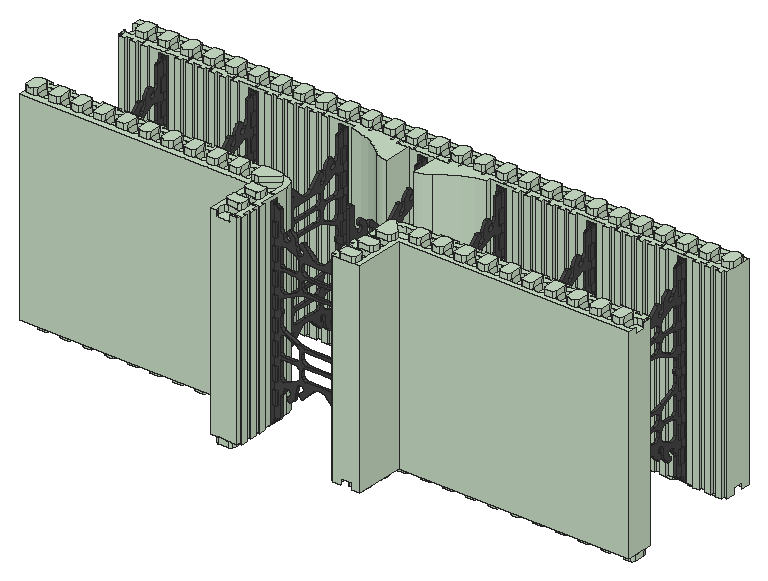
Revit family (continued)
Definition of nested family "NUDURA Diamond Pattern Missing Left Line"
  Lines and regions (in)
    model lines
      curve 137: line (4.54562, -5.625, 5.42678) -> (4.17062, -5.625, 5.80178)
      curve 138: arc (3.69709, -5.625, 4.35858) -> (3.75567, -5.625, 4.5) -> (3.69709, -5.625, 4.64142) r 0.2
      curve 139: line (4.634, -5.625, 4.01517) -> (4.29059, -5.625, 4.35858)
      curve 140: arc (4.634, -5.625, 3.48484) -> (4.74384, -5.625, 3.75) -> (4.634, -5.625, 4.01517) r 0.375
      curve 141: line (4.29059, -5.625, 3.14142) -> (4.634, -5.625, 3.48484)
      curve 142: line (3.35367, -5.625, 3.48484) -> (3.69709, -5.625, 3.14142)
      curve 143: arc (3.35367, -5.625, 4.01517) -> (3.24384, -5.625, 3.75) -> (3.35367, -5.625, 3.48484) r 0.375
      curve 144: line (3.69709, -5.625, 4.35858) -> (3.35367, -5.625, 4.01517)
      curve 145: arc (4.17062, -5.625, 4.30178) -> (3.99384, -5.625, 4.375) -> (3.81706, -5.625, 4.30178) r 0.25
      curve 146: line (3.81706, -5.625, 4.30178) -> (3.44206, -5.625, 3.92678)
      curve 147: arc (3.44206, -5.625, 3.92678) -> (3.36884, -5.625, 3.75) -> (3.44206, -5.625, 3.57322) r 0.25
      curve 148: line (3.44206, -5.625, 3.57322) -> (3.81706, -5.625, 3.19822)
      curve 149: arc (3.81706, -5.625, 3.19822) -> (3.99384, -5.625, 3.125) -> (4.17062, -5.625, 3.19822) r 0.25
      curve 150: line (4.17062, -5.625, 3.19822) -> (4.54562, -5.625, 3.57322)
      curve 151: arc (4.54562, -5.625, 3.57322) -> (4.61884, -5.625, 3.75) -> (4.54562, -5.625, 3.92678) r 0.25
      curve 152: line (4.54562, -5.625, 3.92678) -> (4.17062, -5.625, 4.30178)
      curve 153: arc (3.69709, -5.625, 2.85858) -> (3.75567, -5.625, 3) -> (3.69709, -5.625, 3.14142) r 0.2
      curve 154: line (4.634, -5.625, 2.51517) -> (4.29059, -5.625, 2.85858)
      curve 155: arc (4.634, -5.625, 1.98484) -> (4.74384, -5.625, 2.25) -> (4.634, -5.625, 2.51517) r 0.375
      curve 156: line (4.29059, -5.625, 1.64142) -> (4.634, -5.625, 1.98484)
      curve 157: line (3.35367, -5.625, 1.98484) -> (3.69709, -5.625, 1.64142)
      curve 158: arc (3.35367, -5.625, 2.51517) -> (3.24384, -5.625, 2.25) -> (3.35367, -5.625, 1.98484) r 0.375
      curve 159: line (3.69709, -5.625, 2.85858) -> (3.35367, -5.625, 2.51517)
      curve 160: arc (4.17062, -5.625, 2.80178) -> (3.99384, -5.625, 2.875) -> (3.81706, -5.625, 2.80178) r 0.25
      curve 161: line (3.81706, -5.625, 2.80178) -> (3.44206, -5.625, 2.42678)
      curve 162: arc (3.44206, -5.625, 2.42678) -> (3.36884, -5.625, 2.25) -> (3.44206, -5.625, 2.07322) r 0.25
      curve 163: line (3.44206, -5.625, 2.07322) -> (3.81706, -5.625, 1.69822)
      curve 164: arc (3.81706, -5.625, 1.69822) -> (3.99384, -5.625, 1.625) -> (4.17062, -5.625, 1.69822) r 0.25
      curve 165: line (4.17062, -5.625, 1.69822) -> (4.54562, -5.625, 2.07322)
      curve 166: arc (4.54562, -5.625, 2.07322) -> (4.61884, -5.625, 2.25) -> (4.54562, -5.625, 2.42678) r 0.25
      curve 167: line (4.54562, -5.625, 2.42678) -> (4.17062, -5.625, 2.80178)
      curve 168: arc (3.69709, -5.625, 1.35858) -> (3.75567, -5.625, 1.5) -> (3.69709, -5.625, 1.64142) r 0.2
      curve 169: line (3.69709, -5.625, 1.35858) -> (3.35367, -5.625, 1.01517)
      curve 170: arc (3.35367, -5.625, 1.01517) -> (3.24384, -5.625, 0.75) -> (3.35367, -5.625, 0.48484) r 0.375
      curve 171: line (3.35367, -5.625, 0.48484) -> (3.72867, -5.625, 0.10984)
      curve 172: arc (3.72867, -5.625, 0.10984) -> (3.99384, -5.625, 0) -> (4.259, -5.625, 0.10984) r 0.375
      curve 173: line (4.259, -5.625, 0.10984) -> (4.634, -5.625, 0.48484)
      curve 174: arc (4.634, -5.625, 0.48484) -> (4.74384, -5.625, 0.75) -> (4.634, -5.625, 1.01517) r 0.375
      curve 175: line (4.634, -5.625, 1.01517) -> (4.29059, -5.625, 1.35858)
      curve 176: arc (4.29059, -5.625, 1.64142) -> (4.23201, -5.625, 1.5) -> (4.29059, -5.625, 1.35858) r 0.2
      curve 177: arc (4.17062, -5.625, 1.30178) -> (3.99384, -5.625, 1.375) -> (3.81706, -5.625, 1.30178) r 0.25
      curve 178: line (4.54562, -5.625, 0.92678) -> (4.17062, -5.625, 1.30178)
      curve 179: arc (4.54562, -5.625, 0.57322) -> (4.61884, -5.625, 0.75) -> (4.54562, -5.625, 0.92678) r 0.25
      curve 180: line (4.17062, -5.625, 0.19822) -> (4.54562, -5.625, 0.57322)
      curve 181: arc (3.81706, -5.625, 0.19822) -> (3.99384, -5.625, 0.125) -> (4.17062, -5.625, 0.19822) r 0.25
      curve 182: line (3.44206, -5.625, 0.57322) -> (3.81706, -5.625, 0.19822)
      curve 183: arc (3.44206, -5.625, 0.92678) -> (3.36884, -5.625, 0.75) -> (3.44206, -5.625, 0.57322) r 0.25
      curve 184: line (3.81706, -5.625, 1.30178) -> (3.44206, -5.625, 0.92678)
      curve 185: arc (4.29059, -5.625, 3.14142) -> (4.23201, -5.625, 3) -> (4.29059, -5.625, 2.85858) r 0.2
      curve 186: arc (4.29059, -5.625, 4.64142) -> (4.23201, -5.625, 4.5) -> (4.29059, -5.625, 4.35858) r 0.2
      curve 187: arc (4.29059, -5.625, 6.14142) -> (4.23201, -5.625, 6) -> (4.29059, -5.625, 5.85858) r 0.2
      curve 188: arc (4.29059, -5.625, 7.64142) -> (4.23201, -5.625, 7.5) -> (4.29059, -5.625, 7.35858) r 0.2
      curve 189: arc (4.29059, -5.625, 9.14142) -> (4.23201, -5.625, 9) -> (4.29059, -5.625, 8.85858) r 0.2
      curve 190: arc (4.29059, -5.625, 10.64142) -> (4.23201, -5.625, 10.5) -> (4.29059, -5.625, 10.35858) r 0.2
      curve 191: arc (4.29059, -5.625, 12.14142) -> (4.23201, -5.625, 12) -> (4.29059, -5.625, 11.85858) r 0.2
      curve 192: arc (4.29059, -5.625, 13.64142) -> (4.23201, -5.625, 13.5) -> (4.29059, -5.625, 13.35858) r 0.2
      curve 193: arc (4.29059, -5.625, 15.14142) -> (4.23201, -5.625, 15) -> (4.29059, -5.625, 14.85858) r 0.2
      curve 194: arc (4.29059, -5.625, 16.64142) -> (4.23201, -5.625, 16.5) -> (4.29059, -5.625, 16.35858) r 0.2
